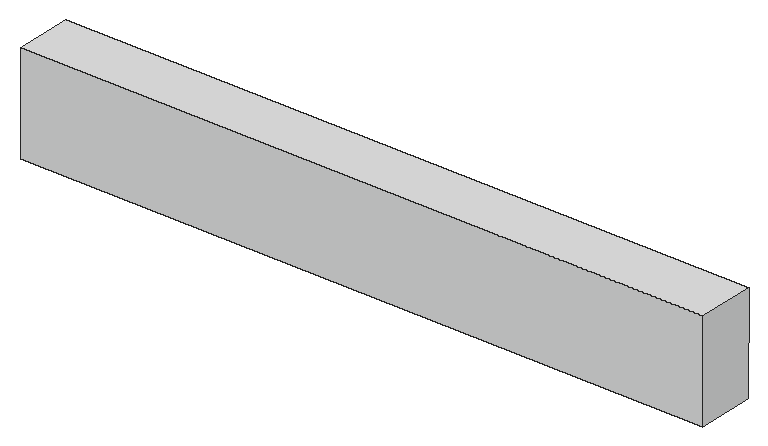
Revit family "Lighting-Recessed-Amerlux-Carisma 2 ", category Lighting Fixtures, host Face, Revit 2020
Family settings
  Host = Face
  Round Connector Dimension = Use Diameter
  Part Type = Normal
  Cut with Voids When Loaded = No
  Light Source = Yes
  Shared = No
  Room Calculation Point = No
Parameters (values of type "Carisma 2 Recessed")
  Width = 0' - 2"
  Wattage = 9.2903 W
  built-in parameter 1150110 = 1 (stored number, unit not read)
  Voltage = 0 V
  URL = "http://www.amerlux.com/"
  built-in parameter 1114217 = 1 (stored number, unit not read)
  Tilt Angle = -90.00°
  built-in parameter 1150109 = 1 (stored number, unit not read)
  built-in parameter 1150134 = 3
  built-in parameter 1150113 = 1 (stored number, unit not read)
  Right Cable [instance] = yes
  Power Factor = 1
  Photometric Web File = "Load File"
  Number of Poles = 1
  built-in parameter 1150142 = (empty or 0)
  Model = "Carisma 2 Recessed"
  Manufacturer = "Amerlux"
  built-in parameter 1150105 = 109.82 (stored number, unit not read)
  Lumens = 1380 lm
  built-in parameter 1150115 = 1 (stored number, unit not read)
  built-in parameter 1150137 = (empty or 0)
  built-in parameter 1150139 = (empty or 0)
  Length = 2' - 0"
  Left Cable [instance] = yes
  built-in parameter 1150112 = 1 (stored number, unit not read)
  built-in parameter 1150114 = 1 (stored number, unit not read)
  built-in parameter 1150132 = (empty or 0)
  built-in parameter 1150102 = (empty or 0)
  built-in parameter 1150107 = 3200 (stored number, unit not read)
  built-in parameter 1150138 = (empty or 0)
  built-in parameter 1150106 = 1.0982 (stored number, unit not read)
  Fixture Finish = Aluminum Finish
  Emit from Line Length = Length  # 2' - 0"
  built-in parameter 1150104 = 13.8 (stored number, unit not read)
  Dimming Lamp Color Temperature Shift = <None>
  Description = "Linear LED"
  Default Elevation = 4' - 0"
  Color Filter = 16777215
  built-in parameter 1114218 = 1 (stored number, unit not read)
  built-in parameter 1150133 = 10 (stored number, unit not read)
  Apparent Load = 0 VA
Reference planes (in)
  plane 1 "Center (Front/Back)": y = 0
  plane 2: z = 0
  plane 3 "Center (Left/Right)": x = 0
  plane 4: y = -1
  plane 5: y = 1
  plane 6: z = -0.8125
  plane 7: x = -12
  plane 8: x = 12
  plane 9: x = -11.125
  plane 10: x = 11.125
Forms (in)
  Extrusion 1, solid, material "Aluminum Finish" <- "Fixture Finish"
    sketch origin (0, 0, 0.6875) x (0, 1, 0) y (0, 0, 1)
      loop
        line (1, -0.6875) -> (-1, -0.6875) -> (-1, -4.1875) -> (1, -4.1875) -> (1, -0.6875)
    from -12 to 12
  Extrusion 2, void
    sketch origin (0, 0, 0) x (1, 0, 0) y (0, 1, 0)
      loop
        line (-12, 1) -> (-12, -1) -> (12, -1) -> (12, 1) -> (-12, 1)
    from -2.1063 to 0
Dimensions and locks (in)
  equal spacing: plane 5, plane 1 "Center (Front/Back)", plane 4
  "Width": plane 5 to plane 4
  equal spacing: plane 7, plane 3 "Center (Left/Right)", plane 8
  "Length": plane 7 to plane 8
  locked: imposter light to plane 6 at 0.8125
  locked: plane 7 to plane 9 at 0.875
  plane 10 to Extrusion 1 = 0' - 0 7/8"
  locked: Extrusion 1 sketch curve to Extrusion 1 sketch curve at 3.5
  aligned and locked: plane 2 to host face
  aligned and locked: level to host face
  aligned and locked: Extrusion 1 to plane 7
  aligned and locked: plane 8 to Extrusion 1
  aligned and locked: Extrusion 1 sketch curve to plane 4
  aligned and locked: plane 5 to Extrusion 1 sketch curve
  aligned and locked: imposter light to plane 1 "Center (Front/Back)"
  aligned and locked: Extrusion 2 sketch curve to Extrusion 1  (x4)
Automatic sketch dimensions
  host sketch curve to host sketch curve = 8' - 0"  (x2)
  Extrusion 1 sketch curve to plane 6 = 0' - 2 11/16"
Connectors (in)
  electrical at (12, 0, -1.75), driven by "Number of Poles", driven by "Voltage", driven by "Apparent Load", driven by "Power Factor"
    settings: on Extrusion 1, index 1, voltage 0 V, apparent load 0 VA, apparent load phase1 0 VA, apparent load phase2 0 VA, apparent load phase3 0 VA, power factor 1, load classification "Other", number of poles 1, system type 31, power factor state 1, is connector primary yes, connector utility no, sub classification motor no, connector description "Power"
